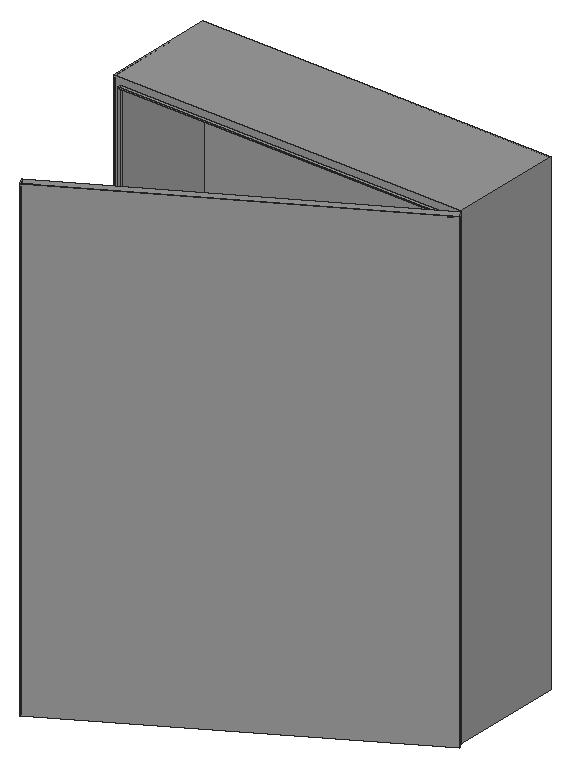
Revit family "Hager-Univers-IP55-D275-H1100-Cl.II-Steel_encl-NoHosted-CH-it", category Electrical Equipment, Revit 2020
Family settings
  Panel Configuration = Two Columns, Circuits Across
  Round Connector Dimension = Use Diameter
  Part Type = Panelboard
  Work Plane-Based = Yes
  Always vertical = Yes
  Cut with Voids When Loaded = No
  Shared = No
  Room Calculation Point = No
Parameters (values of type "A parete IP55 L800 A1100 P275  - FR73S")
  Width Control [instance] = if([EF000008 - Larghezza] > Min Width, [EF000008 - Larghezza], Min Width)  # 800 mm
  Type Comments = [HG000003 - Gamma]  # "Univers"
  Thickness Door [instance] = if([EF009171 - spessore materiale porta/coperchio] > 3 mm, 3 mm, [EF009171 - spessore materiale porta/coperchio])  # 1.5 mm
  Seal Frame Offset [instance] = 17 mm  # constant formula
  Plinth Visibility [instance] = [HG000027 - Altezza dello zoccolo] > 0 mm  # no
  Min Width [instance] = 100 mm  # constant formula
  Min Depth [instance] = (2 * [EF009170 - spessore materiale scatola]) + 1 mm  # 4 mm
  Min Height [instance] = 100 mm  # constant formula
  Internal Frame Depth [instance] = (Door System Depth * 0.5)  # 9 mm
  Panel Name [instance] = ""  # (empty or 0)
  Model = ""
  HG000027 - Altezza dello zoccolo = 0 mm
  HG000026 - A pavimento = no
  HG000024 - Altezza della sezione inferiore = 600 mm
  HG000023 - Custodia a doppia sezione = no
  HG000016 - Visibilità delle porte nella vista 3D [instance] = yes
  HG000015 - Visibilità attraverso la porta [instance] = no
  HG000014 - Porta destra [instance] = yes
  HG000013 - Porta sinistra [instance] = not([HG000014 - Porta destra])  # no
  HG000012 - Angolo di apertura della porta [instance] = 30.00°
  HG000010 - Porte asimmetriche = no
  HG000009 - Porta doppia a battente = no
  HG000006 - Ad incasso = no
  HG000004 - Codice produttore = "FR73S"
  HG000003 - Gamma = "Univers"
  HG000002 - Con porta = yes
  Frame Offset Bottom [instance] = 10 mm  # constant formula
  Frame Offset [instance] = 15 mm  # constant formula
  EF015940 - Coprire con rilascio di sovrapressione = no
  EF011959 - tipo di protezione (NEMA) = ""
  EF009554 - numero delle aperture per la piastra della flangia = 6
  EF009212 - esecuzione coperchio = "EV000116 - chiuso"
  EF009171 - spessore materiale porta/coperchio = 1.5 mm
  EF009170 - spessore materiale scatola = 1.5 mm
  EF008873 - corrente nominale (In) = 800 A
  EF007800 - adatto per parafulmine = no
  EF006306 - con serratura = no
  EF006244 - coperchio/porta trasparente = no
  EF005474 - grado di protezione (IP) = "EV006420 - IP55"
  EF004464 - tipo di porta = "EV002646 - singolo"
  EF004427 - numero di moduli = 252
  EF004293 - resistenza agli urti = "EV008784 - IK10"
  EF003532 - adatto per uso esterno = no
  EF002950 - Numero moduli DIN = 24
  EF001613 - Integrità del circuito = "EV000494 - senza"
  EF001596 - Attacco Lampada = "EV000179 - acciaio"
  EF001131 - profondità interna = 275 mm
  EF001088 - possibilità di applicazione = yes
  EF000437 - numero di ingressi per conduttori = 6
  EF000339 - tipo di copertura = "EV004216 - porta"
  EF000266 - numero di file = 7
  EF000218 - profondità di incasso = 0 mm
  EF000118 - con piastra di montaggio = no
  EF000116 - numero RAL = "7035"
  EF000049 - profondità = 275 mm
  EF000040 - Altezza = 1100 mm
  EF000008 - Larghezza = 800 mm
  EF000007 - colore = "EV000270 - grigio"
  EF000003 - Tipo di montaggio = "EV000384 - A parete"
  Door System Leaf Tolerance [instance] = 1.5 mm  # constant formula
  Door System Depth [instance] = 18 mm  # constant formula
  Door Height [instance] = Height Control - [HG000027 - Altezza dello zoccolo]  # 1100 mm
  Description = ""
  Default Elevation = 1219.2 mm
  Connector Offset [instance] = Height Control / 2  # 550 mm
  Manufacturer = "Hager"  # constant formula
  Height Control [instance] = if([EF000040 - Altezza] > Min Height, [EF000040 - Altezza], Min Height)  # 1100 mm
  Depth Control [instance] = if([EF000049 - profondità] > Min Depth, [EF000049 - profondità], Min Depth)  # 275 mm
  Bottom Top Plate Trim [instance] = 1.5 mm  # constant formula
  Plinth height Ctrl [instance] = if([HG000027 - Altezza dello zoccolo] > 0 mm, [HG000027 - Altezza dello zoccolo], 12 mm)  # 12 mm
Types (5, lengths in mm): name | Width Control | HG000010 - Porte asimmetriche | HG000009 - Porta doppia a battente | HG000004 - Codice produttore | EF009554 - numero delle aperture per la piastra della flangia | EF004464 - tipo di porta | EF004427 - numero di moduli | EF000437 - numero di ingressi per conduttori | EF000008 - Larghezza
  A parete IP55 L1050 A1100 P275  - FR74S | 1050 | no | yes | "FR74S" | 8 | "EV003602 - doppio" | 336 | 8 | 1050
  A parete IP55 L1300 A1100 P275  - FR75S | 1300 | yes | yes | "FR75S" | 10 | "EV003602 - doppio" | 420 | 10 | 1300
  A parete IP55 L300 A1100 P275  - FR71S | 300 | no | no | "FR71S" | 2 | "EV002646 - singolo" | 84 | 2 | 300
  A parete IP55 L550 A1100 P275  - FR72S | 550 | no | no | "FR72S" | 4 | "EV002646 - singolo" | 168 | 4 | 550
  A parete IP55 L800 A1100 P275  - FR73S | 800 | no | no | "FR73S" | 6 | "EV002646 - singolo" | 252 | 6 | 800
Reference planes
  plane 1 "Center (Front/Back)": y = 0
  plane 2: z = 0
  plane 3 "Center (Left/Right)": x = 0
  plane 4: y = 0
  plane 5: y = 0
  plane 6: z = 0
  plane 7: x = -400
  plane 8: x = 400
  plane 9: x = 398.5
  plane 10: x = -398.5
  plane 11: z = 0
  plane 12: z = 1.5
  plane 13: y = -275
  plane 14: y = -1.5
  plane 15: x = 0
  plane 16: y = -257
  plane 17: y = -273.5
  plane 18: y = -255.5
  plane 19: x = -383.5
  plane 20: x = 383.5
  plane 21: z = 11.5
  plane 22: x = -383
  plane 23: x = 383
  plane 24: z = 0
  plane 25: z = 1100
  plane 26: z = 1100
  plane 27: z = 1083.5
  plane 28: z = 1098.5
Forms (mm)
  Extrusion 1, solid, material "Hager_Steel_RAL7035_Light_Grey", detail levels medium+fine
    sketch origin (-208.679, -4572, 0) x (-1, 0, 0) y (0, -1, 0)
      loop
        line (191.321, -4315) -> (-608.679, -4315) -> (-608.679, -4572) -> (191.321, -4572) -> (191.321, -4315)
    from 0 to 1100
  Extrusion 2, void
    sketch origin (-350.771, -275, 1219.2) x (1, 0, 0) y (0, 0, 1)
      loop
        line (-47.729, -120.7) -> (-47.729, -1217.7) -> (749.271, -1217.7) -> (749.271, -120.7) -> (-47.729, -120.7)
    from -19.5 to -273.5
  Extrusion 3, void
    sketch origin (-290.084, -257, 1219.2) x (1, 0, 0) y (0, 0, 1)
      loop
        line (-93.416, -1207.7) -> (673.584, -1207.7) -> (673.584, -135.7) -> (-93.416, -135.7) -> (-93.416, -1207.7)
    from 0 to -1.5
  Extrusion 4, solid, material "Hager_Steel_RAL7035_Light_Grey", visible <- "Plinth Visibility", detail levels medium+fine
    sketch origin (0, 0, 0) x (1, 0, 0) y (0, 1, 0)
      loop
        line (-400, 0) -> (-400, -257) -> (400, -257) -> (400, 0) -> (-400, 0)
    from 0 to 12 <- "Plinth height Ctrl"
  Extrusion 5, solid, material "Hager_Steel_RAL7035_Light_Grey", detail levels coarse
    sketch origin (0, 0, 0) x (1, 0, 0) y (0, 1, 0)
      loop
        line (-400, 0) -> (-400, -275) -> (400, -275) -> (400, 0) -> (-400, 0)
    from 0 to 1100 <- "Height Control"
  Sweep 6, void
    path in 3D
      loop
        line (-400, -257, 12) -> (400, -257, 12) -> (400, 0, 12) -> (-400, 0, 12) -> (-400, -257, 12)
    profile origin (-400, -128.5, 12) x (1, 0, 0) y (0, 0, 1)
      loop
        line (0, 0) -> (0, -1.5) -> (1.5, -1.5)
        arc (1.5, -1.5) -> (1.061, -0.439) -> (0, 0) r 1.5
  Extrusion 7, solid, material "Hager_Steel_RAL7035_Light_Grey", detail levels fine
    sketch origin (-400, -257, 0) x (1, 0, 0) y (0, 0, 1)
      loop
        line (16.5, 11.5) -> (783.5, 11.5) -> (783.5, 1083.5) -> (16.5, 1083.5) -> (16.5, 11.5)
      loop
        line (15, 10) -> (785, 10) -> (785, 1085) -> (15, 1085) -> (15, 10)
    from 0 to 9 <- "Internal Frame Depth"
Cuts and joins
  Extrusion 2, Extrusion 3 cuts Extrusion 1
  Sweep 6 cuts Extrusion 4
Lines and regions (mm)
  Masking region 1
    outline origin (0, 0, 0) x (1, 0, 0) y (0, 1, 0)
      loop
        line (-400, 0) -> (-400, -275) -> (400, -275) -> (400, 0) -> (-400, 0)
  Masking region 2, detail levels coarse
    outline origin (-290.084, -257, 1219.2) x (-1, 0, 0) y (0, 0, 1)
      loop
        line (-690.084, -1219.2) -> (109.916, -1219.2) -> (109.916, -119.2) -> (-690.084, -119.2) -> (-690.084, -1219.2)
  Masking region 3, detail levels coarse
    outline origin (0, 0, 0) x (0, 1, 0) y (0, 0, 1)
      loop
        line (0, 0) -> (0, 1100) -> (-275, 1100) -> (-275, 0) -> (0, 0)
  Masking region 4, visible <- "Plinth Visibility", detail levels medium+fine
    outline origin (0, 0, 0) x (0, 1, 0) y (0, 0, 1)
      loop
        line (-1.5, 12) -> (-255.5, 12)
        arc (-255.5, 12) -> (-255.939, 10.939) -> (-257, 10.5) r 1.5
        line (-257, 10.5) -> (-257, 0) -> (0, 0) -> (0, 10.5)
        arc (0, 10.5) -> (-1.061, 10.939) -> (-1.5, 12) r 1.5
  Masking region 5, detail levels medium+fine
    outline origin (0, 0, 594.038) x (0, 1, 0) y (0, 0, 1)
      loop
        line (0, -594.038) -> (0, 505.962) -> (-257, 505.962) -> (-257, -594.038) -> (0, -594.038)
  Masking region 6, detail levels medium+fine
    outline origin (-359.7, -257, 1211.883) x (-1, 0, 0) y (0, 0, 1)
      loop
        line (-759.7, -1211.883) -> (40.3, -1211.883) -> (40.3, -111.883) -> (-759.7, -111.883) -> (-759.7, -1211.883)
  Masking region 7, visible <- "Plinth Visibility", detail levels medium+fine
    outline origin (-320.334, -257, 1041.368) x (-1, 0, 0) y (0, 0, 1)
      loop
        line (-720.334, -1041.368) -> (79.666, -1041.368) -> (79.666, -1030.868)
        arc (79.666, -1030.868) -> (78.606, -1030.429) -> (78.166, -1029.368) r 1.5
        line (78.166, -1029.368) -> (-718.834, -1029.368)
        arc (-718.834, -1029.368) -> (-719.273, -1030.429) -> (-720.334, -1030.868) r 1.5
        line (-720.334, -1030.868) -> (-720.334, -1041.368)
  sketch lines
    curve 1: line (-400, 0, 12) -> (-400, -257, 12)
    curve 2: line (-400, -257, 12) -> (400, -257, 12)
    curve 3: line (400, 0, 12) -> (-400, 0, 12)
    curve 4: line (400, -257, 12) -> (400, 0, 12)
Dimensions and locks
  locked: plane 1 "Center (Front/Back)" to plane 5
  "EF009170 - spessore materiale scatola": plane 7 to plane 10
  "EF009170 - spessore materiale scatola": plane 8 to plane 9
  equal spacing: plane 7, plane 3 "Center (Left/Right)", plane 8
  "Width Control": plane 7 to plane 8
  "Depth Control": plane 4 to plane 13
  "EF009170 - spessore materiale scatola": plane 4 to plane 14
  "Height Control": plane 25 to level
  "HG000027 - Altezza dello zoccolo": plane 11 to level
  "EF009170 - spessore materiale scatola": plane 12 to plane 11
  "EF009170 - spessore materiale scatola": plane 17 to plane 13
  "EF009170 - spessore materiale scatola": plane 18 to plane 16
  "Frame Offset Bottom": plane 21 to plane 12
  "Frame Offset": plane 10 to plane 19
  "Frame Offset": plane 9 to plane 20
  "Door System Depth": plane 16 to plane 13
  "Seal Frame Offset": plane 7 to plane 22
  "Seal Frame Offset": plane 8 to plane 23
  "EF009170 - spessore materiale scatola": plane 26 to plane 28
  "Frame Offset": plane 28 to plane 27
  "Connector Offset": plane 2 to connector elem
  "Bottom Top Plate Trim": profile plane to Sweep 6 sketch curve
  "Bottom Top Plate Trim": Sweep 6 sketch curve to Sweep 6 sketch curve
  "Plinth height Ctrl": Masking region 4 sketch curve to level
  "Plinth height Ctrl": Masking region 7 sketch curve to level
  "Thickness Door": Extrusion 7 sketch curve to Extrusion 7 sketch curve  (x4)
  "Bottom Top Plate Trim": radius of Sweep 6 sketch curve
  "Bottom Top Plate Trim": radius of Masking region 4 sketch curve  (x2)
  "Bottom Top Plate Trim": radius of Masking region 7 sketch curve  (x2)
  aligned and locked: Extrusion 2 sketch curve to plane 12
  aligned and locked: Extrusion 2 sketch curve to plane 9
  aligned and locked: Extrusion 2 sketch curve to plane 10
  aligned and locked: Extrusion 2 to plane 14
  aligned and locked: Extrusion 1 sketch curve to plane 4
  aligned and locked: plane 8 to Extrusion 1 sketch curve
  aligned and locked: plane 7 to Extrusion 1 sketch curve
  aligned and locked: Extrusion 2 to plane 18
  aligned and locked: Extrusion 3 sketch curve to plane 19
  aligned and locked: plane 20 to Extrusion 3 sketch curve
  aligned and locked: Extrusion 3 to Extrusion 2
  aligned and locked: Extrusion 3 sketch curve to plane 21
  aligned and locked: plane 3 "Center (Left/Right)" to nested 1
  aligned and locked: Extrusion 1 sketch curve to plane 16
  aligned and locked: Extrusion 4 sketch curve to cut or joined group of Extrusion 1, Extrusion 2, Extrusion 3
  aligned and locked: Masking region 1 sketch curve to plane 7
  aligned and locked: Masking region 1 sketch curve to plane 5
  aligned and locked: Masking region 1 sketch curve to plane 8
  aligned and locked: Masking region 2 sketch curve to level
  aligned and locked: level to Masking region 3 sketch curve
  aligned and locked: plane 1 "Center (Front/Back)" to Masking region 3 sketch curve
  aligned and locked: plane 13 to Masking region 3 sketch curve
  aligned and locked: plane 5 to Masking region 4 sketch curve
  aligned and locked: Masking region 2 sketch curve to plane 8
  aligned and locked: Masking region 2 sketch curve to plane 7
  aligned and locked: plane 7 to nested 2
  aligned and locked: nested 2 to plane 5
  aligned and locked: plane 5 to Masking region 5 sketch curve
  aligned and locked: plane 26 to Masking region 5 sketch curve
  aligned and locked: Extrusion 5 sketch curve to plane 8
  aligned and locked: Extrusion 5 sketch curve to plane 7
  aligned and locked: Extrusion 5 sketch curve to plane 5
  aligned and locked: Extrusion 3 sketch curve to plane 27
  aligned and locked: Extrusion 2 sketch curve to plane 28
  aligned and locked: Masking region 2 to plane 25
  aligned and locked: Extrusion 4 to plane 16
  aligned and locked: profile plane to Sweep 6 sketch curve
  aligned and locked: Masking region 5 sketch curve to plane 24
  aligned and locked: level to Masking region 4 sketch curve
  aligned and locked: Masking region 1 to plane 13
  aligned and locked: nested 1 to plane 16
  aligned and locked: Masking region 3 to plane 25
  aligned and locked: plane 16 to Masking region 4 sketch curve
  aligned and locked: Masking region 5 sketch curve to plane 16
  aligned and locked: plane 24 to plane 11
  aligned and locked: plane 26 to plane 25
  aligned and locked: plane 26 to cut or joined group of Extrusion 1, Extrusion 2, Extrusion 3
  aligned and locked: nested 1 to plane 24
  aligned and locked: Extrusion 1 to Extrusion 3
  aligned and locked: Masking region 6 sketch curve to plane 8
  aligned and locked: Masking region 6 sketch curve to plane 24
  aligned and locked: Masking region 6 sketch curve to plane 7
  aligned and locked: Masking region 6 sketch curve to plane 26
  aligned and locked: Masking region 7 sketch curve to plane 7
  aligned and locked: level to Masking region 7 sketch curve
  aligned and locked: Masking region 7 sketch curve to plane 8
  aligned and locked: Extrusion 7 sketch curve to cut or joined group of Extrusion 1, Extrusion 2, Extrusion 3  (x4)
Automatic sketch dimensions
  plane 19 to Extrusion 3 sketch curve = 0 mm
  Extrusion 3 sketch curve to plane 20 = 0 mm
  Extrusion 3 sketch curve to plane 21 = 0 mm
  Extrusion 4 sketch curve to plane 7 = 0 mm
  Extrusion 4 sketch curve to plane 8 = 0 mm
  Extrusion 4 sketch curve to plane 16 = 0 mm
  Masking region 1 sketch curve to plane 13 = 0 mm
  Masking region 2 sketch curve to plane 25 = 0 mm
  Masking region 3 sketch curve to plane 25 = 0 mm
  Extrusion 5 sketch curve to plane 13 = 0 mm
  profile plane to Sweep 6 sketch curve = 0 mm
Nested families
  nested 1: "EC000058_Univers_Door" at (0, -257, 0), Double <- "HG000009 - Porta doppia a battente", Transparent <- "EF006244 - coperchio/porta trasparente", Angle <- "HG000012 - Angolo di apertura della porta", Door_Right <- "HG000014 - Porta destra", Assymetrical <- "HG000010 - Porte asimmetriche", Door <- "HG000002 - Con porta", Width_Ctrl <- "Width Control", 3d_Door <- "HG000016 - Visibilità delle porte nella vista 3D", Clearance <- "HG000015 - Visibilità attraverso la porta", Door_Left <- "HG000013 - Porta sinistra", Width <- "Width Control", Door_Depth <- "Door System Depth", Leaf_Tolerance <- "Door System Leaf Tolerance", Height <- "Door Height", Lock_Visibility <- "EF006306 - con serratura", Thickness <- "Thickness Door", type "EC000058_Univers_Door", detail levels medium+fine
    with min_wh 4 mm, Width_Ctrl 800 mm, Width 800 mm, Transparent no, Thickness 1.5 mm, Seal_Material Hager_Rubber, Lock_Visibility no, Lock_Material Hager_Plastic_RAL9005_Jet_Black, Leaf_Width 800 mm, Leaf_Tolerance_External_Sides 0 mm, Leaf_Tolerance 1.5 mm, Leaf_Offset 0 mm, Leaf_Height 1097 mm, Leaf_2_Width 800 mm, Leaf_2_Offset 400 mm, Leaf_1_Width 800 mm, Leaf_1_Offset 400 mm, Height_Ctrl 1100 mm, Height 1100 mm, Glass_Material Hager_Glass, Double_Clearance_Ctrl no, Double no, Door_Right_Ctrl yes, Door_Right yes, Door_Material Hager_Steel_RAL7035_Light_Grey, Door_Left_Ctrl no, Door_Left no, Door_Depth 18 mm, Door yes, Clearance_Material Hager_Clearance, Clearance_Depth 800 mm, Clearance_Ctrl no, Clearance no, Assymetrical no, Angle 30.00°, 3d_Door yes
  nested 2: "Hager_Enclosure_Symbol" at (-400, 0, 0), Height <- "Depth Control", Width <- "Width Control", type "Hager_Enclosure_Symbol"
    with Width_Ctrl 800 mm, Width 800 mm, Height_Ctrl 275 mm, Height 275 mm, A_Width_Int 18.047 mm, A_Width 216.562 mm, A_Height_Ctrl 240.625 mm, A_Height 240.625 mm
Connectors
  electrical at (0, 0, 550)
    settings: on plane 1 "Center (Front/Back)", index 1, voltage 0 V, apparent load 0 VA, apparent load phase1 0 VA, apparent load phase2 0 VA, apparent load phase3 0 VA, power factor 1, load classification "Other", number of poles 1, system type 30, power factor state 1, is connector primary yes, connector utility no, sub classification motor no, connector description ""
Definition of nested family "EC000058_Univers_Door"
  Parameters (values of type "EC000058_Univers_Door")
    min_wh [instance] = (2 * Thickness) + 1 mm  # 11 mm
    Width_Ctrl [instance] = 400 mm
    Width [instance] = 500 mm
    Transparent [instance] = yes
    Thickness [instance] = 5 mm
    Seal_Material [instance] = none
    Lock_Visibility [instance] = yes
    Lock_Material [instance] = none
    Leaf_Width [instance] = if((Width_Ctrl - 2 * Leaf_Tolerance_External_Sides) > 0 mm, (Width_Ctrl - 2 * Leaf_Tolerance_External_Sides), min_wh)  # 400 mm
    Leaf_Tolerance_External_Sides [instance] = 0 mm  # constant formula
    Leaf_Tolerance [instance] = 1.5 mm
    Leaf_Offset [instance] = 0 mm  # constant formula
    Leaf_Height [instance] = if((Height_Ctrl - 2 * Leaf_Tolerance) > 0 mm, (Height_Ctrl - 2 * Leaf_Tolerance), min_wh)  # 497 mm
    Leaf_2_Width [instance] = if(and(and(Double, Assymetrical), Door_Left), (Leaf_Width / 3) - (Leaf_Tolerance / 2), if(and(and(Double, Assymetrical), Door_Right), (Leaf_Width / 3) * 2 - (Leaf_Tolerance / 2), if(and(Double, not(Assymetrical)), (Leaf_Width / 2) - Leaf_Tolerance, Leaf_Width)))  # 400 mm
    Leaf_2_Offset [instance] = if(and(Double, Assymetrical), Leaf_2_Width / 2, if(and(Double, not(Assymetrical)), Leaf_Width / 4, Leaf_Width / 2))  # 200 mm
    Leaf_1_Width [instance] = if(and(and(Double, Assymetrical), Door_Right), (Leaf_Width / 3) - (Leaf_Tolerance / 2), if(and(and(Double, Assymetrical), Door_Left), (Width / 3) * 2 - (Leaf_Tolerance / 2), if(and(Double, not(Assymetrical)), (Leaf_Width / 2) - Leaf_Tolerance, Leaf_Width)))  # 400 mm
    Leaf_1_Offset [instance] = if(and(Double, Assymetrical), Leaf_1_Width / 2, if(and(Double, not(Assymetrical)), Leaf_Width / 4, Leaf_Width / 2))  # 200 mm
    Height_Ctrl [instance] = if(Height > min_wh, Height, min_wh)  # 500 mm
    Height [instance] = 500 mm
    Glass_Material [instance] = none
    Double_Clearance_Ctrl [instance] = and(Double, Clearance)  # no
    Double [instance] = no
    Door_Right_Ctrl [instance] = and(or(Door_Right, Double), Door)  # yes
    Door_Right [instance] = yes
    Door_Material [instance] = none
    Door_Left_Ctrl [instance] = and(or(Door_Left, Double), Door)  # no
    Door_Left [instance] = no
    Door_Depth [instance] = 30 mm
    Door [instance] = yes
    Default Elevation = 1219.2 mm
    Clearance_Material [instance] = none
    Clearance_Depth [instance] = if(Leaf_1_Width > Leaf_2_Width, Leaf_1_Width, Leaf_2_Width)  # 400 mm
    Clearance_Ctrl [instance] = and(not(Double), Clearance)  # yes
    Clearance [instance] = yes
    Assymetrical [instance] = yes
    Angle [instance] = 30.00°
    3d_Door [instance] = yes
  Reference planes
    plane 1 "Center (Front/Back)": y = 0
    plane 2 "Bottom": z = 0
    plane 3 "Center (Left/Right)": x = 0
    plane 4: z = 500
    plane 5: x = -200
    plane 6: x = 200
    plane 7: z = 500
    plane 8: x = -200
    plane 9: z = 0
    plane 10: x = 200
    plane 11: y = 0
    plane 12: z = 1.5
    plane 13: x = -600
    plane 14: y = -400
    plane 15: x = 600
    plane 16: x = 0
    plane 17: x = 0
    plane 18: x = -200
    plane 19: x = 200
    plane 20: z = 498.5
  Forms (mm)
    Extrusion 1, solid, material <- "Clearance_Material", visible <- "Double_Clearance_Ctrl"
      sketch origin (1200, 0, 0) x (1, 0, 0) y (0, 0, -1)
        loop
          line (-1800, -498.5) -> (-600, -498.5) -> (-600, 0) -> (-1800, 0) -> (-1800, -498.5)
      from 0 to -400
  Dimensions and locks
    equal spacing: plane 5, plane 3 "Center (Left/Right)", plane 6
    "Width_Ctrl": plane 5 to plane 6
    "Leaf_Offset": plane 5 to plane 8
    "Leaf_Offset": plane 6 to plane 10
    "Leaf_Offset": plane 9 to level
    "Leaf_Offset": plane 4 to plane 7
    "Height_Ctrl": plane 4 to level
    "Leaf_Tolerance": plane 12 to plane 9
    locked: plane 11 to plane 1 "Center (Front/Back)"
    "Leaf_1_Offset": plane 18 to plane 16
    "Leaf_2_Offset": plane 17 to plane 19
    "Leaf_1_Width": plane 13 to plane 8
    "Leaf_2_Width": plane 10 to plane 15
    "Clearance_Depth": plane 14 to plane 1 "Center (Front/Back)"
    "Leaf_Tolerance_External_Sides": plane 8 to plane 18
    "Leaf_Tolerance_External_Sides": plane 19 to plane 10
    "Leaf_Tolerance": plane 7 to plane 20
    aligned and locked: level to plane 2 "Bottom"
    aligned and locked: nested 1 to plane 16
    aligned and locked: nested 2 to plane 17
    aligned and locked: Extrusion 1 to plane 13
    aligned and locked: plane 15 to Extrusion 1
    aligned and locked: Extrusion 1 to plane 14
    aligned and locked: plane 12 to nested 1
    aligned and locked: nested 2 to plane 12
    aligned and locked: Extrusion 1 to plane 11
    aligned and locked: plane 20 to Extrusion 1
    aligned and locked: nested 2 to plane 11
    aligned and locked: nested 1 to plane 11
  Automatic sketch dimensions
    Extrusion 1 sketch curve to level = 0 mm
    plane 5 to Extrusion 1 sketch curve = 400 mm
    plane 6 to Extrusion 1 sketch curve = 400 mm
    Extrusion 1 sketch curve to plane 4 = 1.5 mm
  Nested families
    nested 1: "EC000058_Univers_Door_Leaf" at (0, 0, 1.5), Width <- "Leaf_1_Width", visible <- "Door_Left_Ctrl", Leaf_Height <- "Leaf_Height", Angle <- "Angle", 3d_Door <- "3d_Door", Transparent <- "Transparent", Clearance Material <- "Clearance_Material", Clearance <- "Clearance_Ctrl", Door_Material <- "Door_Material", Glass_Material <- "Glass_Material", Door_Depth <- "Door_Depth", Lock_Material <- "Lock_Material", Seal_Material <- "Seal_Material", Lock_Visibility <- "Lock_Visibility", Thickness <- "Thickness", type "EC000058_Univers_Door_Leaf"
      with Width 400 mm, Transparent_Glass_Offset 30 mm, Transparent_Ctrl yes, Transparent yes, Thickness 5 mm, Standard no, Seal_Material none, Seal_D2 8 mm, Seal_D1 1 mm, Offset_Internal_Frame 10 mm, Lock_Width 20 mm, Lock_Visibility_3d yes, Lock_Visibility yes, Lock_Thickness_3 3 mm, Lock_Thickness_2 1 mm, Lock_Thickness_1 3 mm, Lock_Radius_Offset_2 16 mm, Lock_Radius_Offset_1 15 mm, Lock_Radius_2 5 mm, Lock_Radius 6 mm, Lock_Offset 5 mm, Lock_Material none, Lock_Height 80 mm, Lock_Cover_Top_Offset_2d 17 mm, Lock_Cover_Height -65 mm, Leaf_Height 497 mm, Internal_Seal_Thickness 8 mm, Internal_Seal_Depth_2 4.5 mm, Internal_Frame_Depth 25 mm, Glass_Thickness -1 mm, Glass_Offset -2 mm, Glass_Material none, Door_Material none, Door_Depth 30 mm, Clearance Material none, Clearance yes, Angle_Ctrl 30.00°, Angle 30.00°, 3d_Door yes
    nested 2: "EC000058_Univers_Door_Leaf" at (0, 0, 1.5) x (-1, 0, 0) z (0, 0, 1), Width <- "Leaf_2_Width", visible <- "Door_Right_Ctrl", Leaf_Height <- "Leaf_Height", Angle <- "Angle", 3d_Door <- "3d_Door", Transparent <- "Transparent", Clearance Material <- "Clearance_Material", Clearance <- "Clearance_Ctrl", Door_Material <- "Door_Material", Glass_Material <- "Glass_Material", Door_Depth <- "Door_Depth", Lock_Material <- "Lock_Material", Seal_Material <- "Seal_Material", Lock_Visibility <- "Lock_Visibility", Thickness <- "Thickness", type "EC000058_Univers_Door_Leaf"
      with Width 400 mm, Transparent_Glass_Offset 30 mm, Transparent_Ctrl yes, Transparent yes, Thickness 5 mm, Standard no, Seal_Material none, Seal_D2 8 mm, Seal_D1 1 mm, Offset_Internal_Frame 10 mm, Lock_Width 20 mm, Lock_Visibility_3d yes, Lock_Visibility yes, Lock_Thickness_3 3 mm, Lock_Thickness_2 1 mm, Lock_Thickness_1 3 mm, Lock_Radius_Offset_2 16 mm, Lock_Radius_Offset_1 15 mm, Lock_Radius_2 5 mm, Lock_Radius 6 mm, Lock_Offset 5 mm, Lock_Material none, Lock_Height 80 mm, Lock_Cover_Top_Offset_2d 17 mm, Lock_Cover_Height -65 mm, Leaf_Height 497 mm, Internal_Seal_Thickness 8 mm, Internal_Seal_Depth_2 4.5 mm, Internal_Frame_Depth 25 mm, Glass_Thickness -1 mm, Glass_Offset -2 mm, Glass_Material none, Door_Material none, Door_Depth 30 mm, Clearance Material none, Clearance yes, Angle_Ctrl 30.00°, Angle 30.00°, 3d_Door yes
  Definition of nested family "EC000058_Univers_Door_Leaf"
    Parameters (values of type "EC000058_Univers_Door_Leaf")
      Width [instance] = 2000 mm
      Transparent_Glass_Offset [instance] = 30 mm
      Transparent_Ctrl [instance] = and(Transparent, [3d_Door])  # yes
      Transparent [instance] = yes
      Thickness [instance] = 5 mm
      Standard [instance] = and(not(Transparent), [3d_Door])  # no
      Seal_Material [instance] = none
      Seal_D2 [instance] = 8 mm  # constant formula
      Seal_D1 [instance] = 1 mm  # constant formula
      Offset_Internal_Frame [instance] = 10 mm  # constant formula
      Lock_Width [instance] = 20 mm  # constant formula
      Lock_Visibility_3d [instance] = and(Lock_Visibility, [3d_Door])  # yes
      Lock_Visibility [instance] = yes
      Lock_Thickness_3 [instance] = 3 mm  # constant formula
      Lock_Thickness_2 [instance] = 1 mm  # constant formula
      Lock_Thickness_1 [instance] = 3 mm  # constant formula
      Lock_Radius_Offset_2 [instance] = Lock_Radius_Offset_1 + 1 mm  # 16 mm
      Lock_Radius_Offset_1 [instance] = 15 mm  # constant formula
      Lock_Radius_2 [instance] = Lock_Radius - 1 mm  # 5 mm
      Lock_Radius [instance] = 6 mm  # constant formula
      Lock_Offset [instance] = 5 mm  # constant formula
      Lock_Material [instance] = none
      Lock_Height [instance] = 80 mm  # constant formula
      Lock_Cover_Top_Offset_2d [instance] = Lock_Radius_Offset_2 + 1 mm  # 17 mm
      Lock_Cover_Height [instance] = -(Lock_Height - Lock_Radius_Offset_1)  # -65 mm
      Leaf_Height [instance] = 2720.336 mm
      Internal_Seal_Thickness [instance] = 8 mm  # constant formula
      Internal_Seal_Depth_2 [instance] = 4.5 mm  # constant formula
      Internal_Frame_Depth [instance] = if(Door_Depth - Thickness > 5 mm, Door_Depth - Thickness, 5 mm)  # 25 mm
      Glass_Thickness [instance] = if(Thickness > 15 mm, Glass_Offset + 10 mm, -1 mm)  # -1 mm
      Glass_Offset [instance] = if(Thickness > 15 mm, -(Thickness + 10 mm) / 2, -2 mm)  # -2 mm
      Glass_Material [instance] = none
      Door_Material [instance] = none
      Door_Depth [instance] = 30 mm
      Default Elevation = 0 mm
      Clearance Material [instance] = none
      Clearance [instance] = yes
      Angle_Ctrl [instance] = if(Angle > 180.00°, 180.00°, Angle)  # 90.00°
      Angle [instance] = 90.00°
      3d_Door [instance] = yes
    Reference planes
      plane 1 "Center (Front/Back)": y = 0
      plane 2: z = 0
      plane 3 "Center (Left/Right)": x = 0
      plane 4: y = 2000
      plane 5: x = -1000
      plane 6: x = 1000
      plane 7: x = -3000
      plane 8: z = 2720.336
      plane 9: z = 30
      plane 10: z = 2690.336
      plane 11: x = 970
      plane 12: x = -970
      plane 13: y = -3
      plane 14: z = 107.833
      plane 15: y = -5
      plane 16: y = -223.314
      plane 17: x = -1000
      plane 18: z = 1360.168
      plane 19: y = 30
    Forms (mm)
      Extrusion 1, solid, material <- "Clearance Material", visible <- "Clearance"
        sketch origin (0, 0, 0) x (1, 0, 0) y (0, 0, 1)
          loop
            line (-3000, 2720.336) -> (-3000, 0) -> (1000, 0) -> (1000, 2720.336) -> (-3000, 2720.336)
        from 0 to -2000
      Extrusion 2, solid, material <- "Door_Material", visible <- "Standard", detail levels medium+fine
        sketch origin (-1000, 0, 0) x (0, 1, 0) y (-1, 0, 0)
          loop
            line (0, 30) -> (0, 25) -> (2000, 25) -> (2000, 30) -> (0, 30)
        from 0 to 2720.336 <- "Leaf_Height"
      Extrusion 3, solid, material <- "Door_Material", visible <- "Transparent_Ctrl", detail levels medium+fine
        sketch origin (-1000, 0, 0) x (0, 1, 0) y (-1, 0, 0)
          loop
            line (0, 25) -> (2000, 25) -> (2000, 30) -> (0, 30) -> (0, 25)
        from 0 to 2720.336 <- "Leaf_Height"
      Extrusion 4, void
        sketch origin (-1025, 2000, 0) x (0, 1, 0) y (0, 0, -1)
          loop
            line (-30, -2690.336) -> (-30, -30) -> (-1970, -30) -> (-1970, -2690.336) -> (-30, -2690.336)
        from 0 to 5 <- "Thickness"
      Sweep 5, solid, material <- "Seal_Material", visible <- "Transparent_Ctrl", detail levels fine
        path in 3D
          loop
            line (-1025, 30, 30) -> (-1025, 30, 2690.336) -> (-1025, 1970, 2690.336) -> (-1025, 1970, 30) -> (-1025, 30, 30)
        profile origin (-1025, 1000, 30) x (1, 0, 0) y (0, 0, 1)
          loop
            line (0, 0) -> (0, -8) -> (1, -8) -> (1, 0) -> (0, 0)
      Extrusion 6, solid, material <- "Glass_Material", visible <- "Transparent_Ctrl", detail levels medium+fine
        sketch origin (-1030, 0, 0) x (0, 1, 0) y (0, 0, -1)
          loop
            line (1970, -2690.336) -> (1970, -30) -> (30, -30) -> (30, -2690.336) -> (1970, -2690.336)
        from -2 <- "Glass_Offset" to -1 <- "Glass_Thickness"
      Extrusion 7, solid, material <- "Door_Material", visible <- "3d_Door", detail levels medium+fine
        sketch origin (-1025, 2000, 0) x (0, -1, 0) y (0, 0, -1)
          loop
            line (0, -2720.336) -> (2000, -2720.336) -> (2000, 0) -> (0, 0) -> (0, -2720.336)
          loop
            line (1995, -5) -> (5, -5) -> (5, -2715.336) -> (1995, -2715.336) -> (1995, -5)
        from 0 to 25 <- "Internal_Frame_Depth"
      Sweep 8, solid, material <- "Seal_Material", visible <- "Transparent_Ctrl", detail levels fine
        path in 3D
          loop
            line (-1025, 0, 0) -> (-1025, 2000, 0) -> (-1025, 2000, 2720.336) -> (-1025, 0, 2720.336) -> (-1025, 0, 0)
        profile origin (-1025, 0, 1360.168) x (1, 0, 0) y (0, 1, 0)
          loop
            line (0, 10) -> (2.975, 10)
            arc (2.975, 10) -> (4.053, 10.447) -> (4.5, 11.525) r 1.525
            line (4.5, 11.525) -> (4.5, 16.527)
            arc (4.5, 16.527) -> (4.069, 17.569) -> (3.027, 18) r 1.473
            line (3.027, 18) -> (0, 18) -> (0, 10)
      Extrusion 9, solid, material <- "Lock_Material", visible <- "Lock_Visibility_3d", detail levels fine
        sketch origin (-1030, 0, 0) x (0, 1, 0) y (0, 0, -1)
          loop
            arc (1993.5, -1400.168) -> (1994.561, -1399.729) -> (1995, -1398.668) r 1.5
            line (1995, -1398.668) -> (1995, -1320.168) -> (1975, -1320.168) -> (1975, -1398.668)
            arc (1975, -1398.668) -> (1975.439, -1399.729) -> (1976.5, -1400.168) r 1.5
            line (1976.5, -1400.168) -> (1993.5, -1400.168)
        from 3 <- "Lock_Thickness_1" to 0
      Blend 10, solid, material <- "Lock_Material", visible <- "Lock_Visibility_3d", detail levels fine
        base sketch origin (-1033, 0, 0) x (0, 1, 0) y (0, 0, -1)
          loop
            line (1975, -1320.168) -> (1975, -1398.668)
            arc (1975, -1398.668) -> (1975.439, -1399.729) -> (1976.5, -1400.168) r 1.5
            line (1976.5, -1400.168) -> (1993.5, -1400.168)
            arc (1993.5, -1400.168) -> (1994.561, -1399.729) -> (1995, -1398.668) r 1.5
            line (1995, -1398.668) -> (1995, -1320.168) -> (1975, -1320.168)
        top sketch origin (-1033, 0, 0) x (0, 1, 0) y (0, 0, -1)
          loop
            line (1976, -1320.168) -> (1976, -1398.668)
            arc (1976, -1398.668) -> (1976.146, -1399.022) -> (1976.5, -1399.168) r 0.5
            line (1976.5, -1399.168) -> (1993.5, -1399.168)
            arc (1993.5, -1399.168) -> (1993.854, -1399.022) -> (1994, -1398.668) r 0.5
            line (1994, -1398.668) -> (1994, -1320.168) -> (1976, -1320.168)
        from 0 to 1 <- "Lock_Thickness_2"
      Blend 11, solid, material <- "Lock_Material", visible <- "Lock_Visibility_3d", detail levels fine
        base sketch origin (-1034, 0, 0) x (0, 1, 0) y (0, 0, -1)
          loop
            line (1978, -1320.168) -> (1978, -1384.168)
            arc (1978, -1384.168) -> (1985, -1391.168) -> (1992, -1384.168) r 7
            line (1992, -1384.168) -> (1992, -1320.168) -> (1978, -1320.168)
        top sketch origin (-1034, 0, 0) x (0, 1, 0) y (0, 0, -1)
          loop
            line (1991, -1320.168) -> (1979, -1320.168) -> (1979, -1383.168)
            arc (1979, -1383.168) -> (1985, -1389.168) -> (1991, -1383.168) r 6
            line (1991, -1383.168) -> (1991, -1320.168)
        from 0 to 3 <- "Lock_Thickness_3"
      Extrusion 12, solid, material <- "Lock_Material", visible <- "Lock_Visibility_3d", detail levels fine
        sketch origin (-1030, 1975, 1320.168) x (1, 0, 0) y (0, -1, 0)
          loop
            line (-7, -19) -> (-7, -1) -> (0, -1) -> (0, 0) -> (-8, 0) -> (-8, -20) -> (0, -20) -> (0, -19) -> (-7, -19)
        from 0 to -65 <- "Lock_Cover_Height"
      Extrusion 13, void
        sketch origin (-1038, 1995, 1320.168) x (-1, 0, 0) y (0, 0, -1)
          loop
            line (-5, -65) -> (0, -65) -> (-5, -60) -> (-5, -65)
        from 0 to 20 <- "Lock_Width"
      Extrusion 14, void
        sketch origin (-1038, 1975, 1320.168) x (0, -1, 0) y (0, 0, -1)
          loop
            circle (-10, -15.995) r 6
          loop
            circle (-10, -15.995) r 5
        from 0 to 2
      Extrusion 15, solid, material <- "Lock_Material", visible <- "Lock_Visibility_3d", detail levels medium
        sketch origin (-1030, 0, 0) x (0, 1, 0) y (0, 0, -1)
          loop
            arc (1993.5, -1400.168) -> (1994.561, -1399.729) -> (1995, -1398.668) r 1.5
            line (1995, -1398.668) -> (1995, -1320.168) -> (1975, -1320.168) -> (1975, -1398.668)
            arc (1975, -1398.668) -> (1975.439, -1399.729) -> (1976.5, -1400.168) r 1.5
            line (1976.5, -1400.168) -> (1993.5, -1400.168)
        from 8 to 0
    Cuts and joins
      Extrusion 4 cuts Extrusion 3
      Extrusion 13, Extrusion 14 cuts Extrusion 9
      Extrusion 14 cuts Blend 11
      Extrusion 13, Extrusion 14 cuts Extrusion 12
      joined: Extrusion 9, Blend 10, Blend 11, Extrusion 12
      Extrusion 14 cuts Extrusion 15
    Lines and regions (mm)
      Masking region 1, visible <- "Lock_Visibility", detail levels fine
        outline origin (0, 0, 0) x (0, 1, 0) y (0, 0, 1)
          loop
            line (30, 1320.168) -> (33, 1320.168) -> (33, 1400.168) -> (30, 1400.168) -> (30, 1320.168)
      Masking region 2, visible <- "Lock_Visibility", detail levels fine
        outline origin (0, 3.143, 0) x (0, 1, 0) y (0, 0, 1)
          loop
            line (29.857, 1354.168) -> (30.857, 1354.168) -> (30.857, 1366.168) -> (29.857, 1366.168) -> (29.857, 1354.168)
      Masking region 3, detail levels medium+fine
        outline origin (0, 0, 0) x (0, 1, 0) y (0, 0, 1)
          loop
            line (0, 0) -> (30, 0) -> (30, 2720.336) -> (0, 2720.336) -> (0, 0)
      Masking region 4, detail levels medium+fine
        outline origin (0, 0, 0) x (1, 0, 0) y (0, 0, 1)
          loop
            line (-1000, 2720.336) -> (-1000, 0) -> (1000, 0) -> (1000, 2720.336) -> (-1000, 2720.336)
      Masking region 5, visible <- "Lock_Visibility", detail levels fine
        outline origin (-47.116, 0, 0) x (1, 0, 0) y (0, 0, 1)
          loop
            arc (1024.616, 1399.168) -> (1023.556, 1398.729) -> (1023.116, 1397.668) r 1.5
            line (1023.116, 1397.668) -> (1023.116, 1320.168) -> (1041.116, 1320.168) -> (1041.116, 1397.668)
            arc (1041.116, 1397.668) -> (1040.677, 1398.729) -> (1039.616, 1399.168) r 1.5
            line (1039.616, 1399.168) -> (1024.616, 1399.168)
      Masking region 6, visible <- "Lock_Visibility", detail levels medium+fine
        outline origin (-25, 0, 0) x (1, 0, 0) y (0, 0, 1)
          loop
            arc (1001.5, 1400.168) -> (1000.439, 1399.729) -> (1000, 1398.668) r 1.5
            line (1000, 1398.668) -> (1000, 1320.168) -> (1020, 1320.168) -> (1020, 1398.668)
            arc (1020, 1398.668) -> (1019.561, 1399.729) -> (1018.5, 1400.168) r 1.5
            line (1018.5, 1400.168) -> (1001.5, 1400.168)
      Masking region 7, visible <- "Lock_Visibility", detail levels fine
        outline origin (-73.735, 0, 0) x (1, 0, 0) y (0, 0, 1)
          loop
            line (1051.735, 1382.168) -> (1065.735, 1382.168) -> (1065.735, 1384.168)
            arc (1065.735, 1384.168) -> (1058.735, 1391.168) -> (1051.735, 1384.168) r 7
            line (1051.735, 1384.168) -> (1051.735, 1382.168)
      Masking region 8, visible <- "Lock_Visibility", detail levels fine
        outline origin (-73.735, 0, 0) x (1, 0, 0) y (0, 0, 1)
          loop
            line (1052.735, 1382.168) -> (1064.735, 1382.168) -> (1064.735, 1383.168)
            arc (1064.735, 1383.168) -> (1058.735, 1389.168) -> (1052.735, 1383.168) r 6
            line (1052.735, 1383.168) -> (1052.735, 1382.168)
      Masking region 9, visible <- "Lock_Visibility", detail levels fine
        outline origin (-25, 0, 0) x (1, 0, 0) y (0, 0, 1)
          loop
            line (1020, 1320.168) -> (1020, 1382.168) -> (1000, 1382.168) -> (1000, 1320.168) -> (1020, 1320.168)
      Masking region 10, detail levels medium+fine
        outline origin (0, 0, 0) x (1, 0, 0) y (0, 0, 1)
          loop
            circle (985, 1335.144) r 6
      Masking region 11, detail levels fine
        outline origin (0, 0, 0) x (1, 0, 0) y (0, 0, 1)
          loop
            circle (985, 1335.144) r 5
      Masking region 12, visible <- "Lock_Visibility", detail levels fine
        outline origin (0, 12.767, 0) x (0, 1, 0) y (0, 0, 1)
          loop
            line (20.233, 1320.168) -> (21.233, 1320.168) -> (21.233, 1399.168) -> (20.233, 1400.168) -> (20.233, 1320.168)
      Masking region 13, visible <- "Lock_Visibility", detail levels fine
        outline origin (0, 13.767, -10) x (0, 1, 0) y (0, 0, 1)
          loop
            line (20.233, 1330.168) -> (23.233, 1330.168) -> (23.233, 1399.168) -> (20.233, 1402.168) -> (20.233, 1330.168)
      Masking region 14, visible <- "Lock_Visibility", detail levels fine
        outline origin (0, 12.767, -10) x (0, 1, 0) y (0, 0, 1)
          loop
            line (20.233, 1330.168) -> (25.233, 1330.168) -> (25.233, 1399.305) -> (20.233, 1394.305) -> (20.233, 1330.168)
      Masking region 15, visible <- "Lock_Visibility", detail levels medium
        outline origin (0, 0, 0) x (0, 1, 0) y (0, 0, 1)
          loop
            line (30, 1320.168) -> (38, 1320.168) -> (38, 1400.168) -> (30, 1400.168) -> (30, 1320.168)
      Masking region 16, visible <- "Lock_Visibility", detail levels fine
        outline origin (-1000, 0, 0) x (0, 1, 0) y (-1, 0, 0)
          loop
            line (1975, 30) -> (1995, 30) -> (1995, 38) -> (1975, 38) -> (1975, 30)
          loop
            line (1979, 37) -> (1976, 37) -> (1976, 34) -> (1978, 34) -> (1979, 37)
          loop
            line (1994, 37) -> (1991, 37) -> (1992, 34) -> (1994, 34) -> (1994, 37)
      Masking region 17, visible <- "Lock_Visibility", detail levels medium
        outline origin (-1000, 0, 0) x (0, 1, 0) y (-1, 0, 0)
          loop
            line (1975, 30) -> (1995, 30) -> (1995, 38) -> (1975, 38) -> (1975, 30)
      symbolic lines
        curve 1: line (1000, 0, 0) -> (-3000, 0, 0)
        curve 2: arc (1000, 0, 0) -> (-1000, 2000, 0) -> (-3000, 0, 0) r 2000
        curve 4: line (-1030, 0, 0) -> (-1030, 2000, 0)
      reference lines
        curve 3: line (-1000, 0, 0) -> (-1000, 2000, 0)
      symbolic lines, detail levels medium+fine
        curve 5: line (-1030, 2000, 0) -> (-1025, 2000, 0)
        curve 7: line (-1025, 0, 0) -> (-1030, 0, 0)
        curve 8: line (-1025, 0, 0) -> (-1000, 0, 0)
        curve 9: line (-1000, 0, 0) -> (-1000, 2000, 0)
        curve 10: line (-1000, 2000, 0) -> (-1025, 2000, 0)
      symbolic lines, detail levels fine
        curve 6: line (-1025, 2000, 0) -> (-1025, 0, 0)
      sketch lines
        curve 11: line (-1025, 0, 2720.336) -> (-1025, 0, 0)
        curve 12: line (-1025, 2000, 0) -> (-1025, 0, 0)
        curve 13: line (-1025, 2000, 2720.336) -> (-1025, 2000, 0)
        curve 14: line (-1025, 0, 2720.336) -> (-1025, 2000, 2720.336)
        curve 15: line (-1025, 1970, 30) -> (-1025, 30, 30)
        curve 16: line (-1025, 30, 30) -> (-1025, 30, 2690.336)
        curve 17: line (-1025, 1970, 2690.336) -> (-1025, 1970, 30)
        curve 18: line (-1025, 30, 2690.336) -> (-1025, 1970, 2690.336)
      symbolic lines, visible <- "Transparent", detail levels medium+fine
        curve 19: line (-970, 0, 2690.336) -> (970, 0, 2690.336)
        curve 20: line (-970, 0, 30) -> (-970, 0, 2690.336)
        curve 21: line (970, 0, 30) -> (-970, 0, 30)
        curve 22: line (970, 0, 2690.336) -> (970, 0, 30)
    Dimensions and locks
      "Width": plane 1 "Center (Front/Back)" to plane 4
      equal spacing: plane 5, plane 3 "Center (Left/Right)", plane 6
      "Width": plane 5 to plane 6
      "Width": plane 7 to plane 5
      "Leaf_Height": plane 8 to level
      "Width": curve 5 to curve 3
      "Width": curve 3 to curve 3
      plane 8 to plane 10 = 30 mm
      plane 9 to level = 30 mm
      plane 12 to plane 5 = 30 mm
      plane 6 to plane 11 = 30 mm
      Extrusion 1 to Extrusion 4 sketch curve = 30 mm
      "Transparent_Glass_Offset": curve 3 to Extrusion 4 sketch curve
      "Transparent_Glass_Offset": Extrusion 4 sketch curve to cut or joined group of Extrusion 3, Extrusion 4  (x2)
      cut or joined group of Extrusion 3, Extrusion 4 to Extrusion 6 sketch curve = 30 mm
      "Transparent_Glass_Offset": cut or joined group of Extrusion 3, Extrusion 4 to Extrusion 4 sketch curve
      "Thickness": curve 6 to curve 4
      "Thickness": Extrusion 7 sketch curve to Extrusion 7 sketch curve  (x4)
      "Door_Depth": curve 4 to curve 3
      "Offset_Internal_Frame": profile plane to Sweep 8 sketch curve
      "Internal_Seal_Thickness": Sweep 8 sketch curve to Sweep 8 sketch curve
      "Internal_Seal_Depth_2": profile plane to Sweep 8 sketch curve
      "Seal_D1": profile plane to Sweep 5 sketch curve
      "Seal_D2": profile plane to Sweep 5 sketch curve
      "Thickness": Extrusion 2 sketch curve to Extrusion 2 sketch curve
      equal spacing: Extrusion 9 sketch curve, plane 18, Extrusion 9 sketch curve  (x2)
      equal spacing: Masking region 1 sketch curve, plane 18, Masking region 1 sketch curve
      "Lock_Height": Masking region 1 sketch curve to Masking region 1 sketch curve
      "Lock_Radius": Masking region 2 sketch curve to plane 18 to Masking region 2 sketch curve
      Masking region 2 sketch curve to Masking region 1 = 1 mm
      "Door_Depth": plane 19 to plane 1 "Center (Front/Back)"
      "Lock_Thickness_1": Masking region 1 sketch curve to plane 19
      "Lock_Width": Extrusion 9 sketch curve to Extrusion 9 sketch curve
      "Lock_Height": Extrusion 9 sketch curve to Extrusion 9 sketch curve
      "Lock_Offset": cut or joined group of Extrusion 3, Extrusion 4 to Extrusion 9 sketch curve
      equal spacing: plane 8, plane 18, level
      "Lock_Radius_Offset_1": Blend 11 sketch curve to Blend 10
      locked: Blend 10 to Blend 11 sketch curve at 2  (x2)
      locked: var sketch to Blend 11 sketch curve at 1  (x2)
      "Lock_Radius_Offset_2": Blend 11 sketch curve to Blend 10
      locked: Extrusion 12 sketch curve to Extrusion 12 sketch curve at 1  (x3)
      Masking region 6 sketch curve to Masking region 6 sketch curve = 80 mm
      "Lock_Height": Masking region 6 sketch curve to Masking region 6 sketch curve
      "Lock_Width": Masking region 6 sketch curve to Masking region 6 sketch curve
      locked: Masking region 6 to Masking region 5 sketch curve at 1  (x3)
      locked: Masking region 5 to Masking region 7 sketch curve at 2  (x2)
      "Lock_Radius_Offset_1": Masking region 5 to Masking region 7 sketch curve
      "Lock_Radius_Offset_2": Masking region 5 to Masking region 8 sketch curve
      locked: Masking region 7 to Masking region 8 sketch curve at 1  (x2)
      "Lock_Cover_Top_Offset_2d": Masking region 5 to Masking region 9 sketch curve
      equal spacing: Masking region 9, Masking region 10 sketch curve, Masking region 9
      equal spacing: Masking region 9, Masking region 11 sketch curve, Masking region 9
      Extrusion 15 sketch curve to Extrusion 15 sketch curve = 80 mm
      "Lock_Width": Extrusion 15 sketch curve to Extrusion 15 sketch curve
      "Lock_Height": Extrusion 15 sketch curve to Extrusion 15 sketch curve
      equal spacing: Extrusion 15 sketch curve, plane 18, Extrusion 15 sketch curve
      "Lock_Thickness_3": Masking region 13 sketch curve to Masking region 13 sketch curve
      "Lock_Height": Masking region 12 sketch curve to Masking region 12 sketch curve
      locked: Masking region 13 sketch curve to Masking region 1 at 8
      locked: Masking region 14 sketch curve to Masking region 13 at 1
      locked: Masking region 14 sketch curve to Masking region 1 at 10.863
      "Lock_Height": Masking region 15 sketch curve to Masking region 15 sketch curve
      "Lock_Offset": Extrusion 15 sketch curve to cut or joined group of Extrusion 3, Extrusion 4
      "Lock_Offset": plane 6 to Masking region 6 sketch curve
      radius of Sweep 8 sketch curve = 1.525 mm
      radius of Sweep 8 sketch curve = 1.473 mm
      radius of Extrusion 9 sketch curve = 1.5 mm  (x2)
      "Lock_Radius": radius of Extrusion 14 sketch curve
      "Lock_Radius_2": radius of Extrusion 14 sketch curve
      "Lock_Radius": radius of Masking region 10 sketch curve
      "Lock_Radius_2": radius of Masking region 11 sketch curve
      radius of Extrusion 15 sketch curve = 1.5 mm  (x2)
      "Angle_Ctrl": angle plane 1 "Center (Front/Back)" to curve 3
      locked: Masking region 12 sketch curve to Masking region 12 sketch curve (angle 45.00°)
      locked: Masking region 13 sketch curve to Masking region 13 sketch curve (angle 45.00°)
      locked: Masking region 14 sketch curve to Masking region 14 sketch curve (angle 45.00°)
      aligned and locked: level to plane 2
      aligned and locked: Extrusion 1 to curve 1
      aligned and locked: plane 6 to Extrusion 1
      aligned and locked: Extrusion 1 to plane 1 "Center (Front/Back)"
      aligned and locked: plane 4 to Extrusion 1
      aligned and locked: plane 8 to Extrusion 1
      aligned and locked: curve 7 to Extrusion 2 sketch curve
      aligned and locked: curve 5 to Extrusion 2 sketch curve
      aligned and locked: curve 7 to Extrusion 3 sketch curve
      aligned and locked: Extrusion 3 sketch curve to curve 4
      aligned and locked: Extrusion 3 sketch curve to curve 6
      aligned and locked: Extrusion 3 sketch curve to curve 5
      aligned and locked: curve 9 to curve 3
      aligned and locked: Extrusion 7 sketch curve to cut or joined group of Extrusion 3, Extrusion 4  (x4)
      aligned and locked: plane 17 to curve 3
      aligned and locked: plane 1 "Center (Front/Back)" to curve 3
      aligned and locked: plane 17 to plane 5
      aligned and locked: Sweep 8 sketch curve to profile plane
      aligned and locked: Sweep 5 sketch curve to profile plane  (x2)
      aligned and locked: Masking region 1 to Masking region 2 sketch curve
      aligned and locked: plane 19 to Masking region 1 sketch curve
      aligned and locked: plane 1 "Center (Front/Back)" to Masking region 3 sketch curve
      aligned and locked: plane 19 to Masking region 3 sketch curve
      aligned and locked: level to Masking region 3 sketch curve
      aligned and locked: Masking region 3 sketch curve to plane 8
      aligned and locked: plane 17 to Masking region 4 sketch curve
      aligned and locked: level to Masking region 4 sketch curve
      aligned and locked: Masking region 4 sketch curve to plane 8
      aligned and locked: plane 12 to curve 20
      aligned and locked: plane 10 to curve 19
      aligned and locked: plane 11 to curve 22
      aligned and locked: curve 21 to plane 9
      aligned and locked: Extrusion 2 sketch curve to cut or joined group of Extrusion 3, Extrusion 4
      aligned and locked: Blend 10 sketch curve to Extrusion 9  (x4)
      aligned and locked: Extrusion 9 to Blend 10 sketch curve
      aligned and locked: Blend 10 to Blend 11 sketch curve
      aligned and locked: Extrusion 12 sketch curve to Blend 11
      aligned and locked: Extrusion 12 sketch curve to Extrusion 9  (x4)
      aligned and locked: Masking region 5 sketch curve to Masking region 6
      aligned and locked: Masking region 9 sketch curve to Masking region 6  (x3)
      aligned and locked: Masking region 12 sketch curve to Masking region 1
      aligned and locked: Masking region 13 sketch curve to Masking region 1
      aligned and locked: Masking region 12 to Masking region 14
      aligned and locked: Masking region 14 sketch curve to Masking region 1
      aligned and locked: Masking region 15 sketch curve to Masking region 14
      aligned and locked: Masking region 13 sketch curve to Masking region 12
      aligned and locked: Masking region 16 sketch curve to cut or joined group of Extrusion 14, Extrusion 15  (x4)
      aligned and locked: Masking region 16 sketch curve to cut or joined group of Extrusion 9, Blend 10, Blend 11, Extrusion 12, Extrusion 13, Extrusion 14  (x6)
      aligned and locked: cut or joined group of Extrusion 9, Blend 10, Blend 11, Extrusion 12, Extrusion 13, Extrusion 14 to Masking region 16 sketch curve
      aligned and locked: Masking region 17 sketch curve to cut or joined group of Extrusion 14, Extrusion 15  (x3)
      aligned and locked: Masking region 17 sketch curve to cut or joined group of Extrusion 9, Blend 10, Blend 11, Extrusion 12, Extrusion 13, Extrusion 14
      aligned and locked: Masking region 9 to Masking region 8 sketch curve
      aligned and locked: Masking region 9 to Masking region 7 sketch curve
    Automatic sketch dimensions
      plane 1 "Center (Front/Back)" to curve 2 = 0 mm
      curve 2 to plane 5 = 0 mm
      Extrusion 1 sketch curve to level = 0 mm
      Extrusion 1 sketch curve to plane 7 = 0 mm
      Extrusion 1 sketch curve to plane 6 = 0 mm
      Extrusion 1 sketch curve to plane 8 = 0 mm
      Extrusion 3 to Extrusion 6 sketch curve = 30 mm  (x4)
      Masking region 4 sketch curve to plane 6 = 0 mm
      Blend 10 sketch curve to Extrusion 9 = 1.5 mm
      Blend 10 sketch curve to Extrusion 9 = 1 mm
      Extrusion 13 sketch curve to Extrusion 12 = 0 mm  (x2)
      Extrusion 12 to Extrusion 13 sketch curve = 3 mm
      Extrusion 13 sketch curve to Extrusion 12 = 5 mm
      Extrusion 14 sketch curve to Extrusion 14 sketch curve = 0 mm  (x2)
      Extrusion 14 sketch curve to Extrusion 12 = 10 mm
      Extrusion 14 sketch curve to Extrusion 12 = 15.995 mm
      Masking region 5 sketch curve to Masking region 5 sketch curve = 1.5 mm  (x2)
      Masking region 10 sketch curve to plane 18 = 25.024 mm
      Masking region 11 sketch curve to plane 18 = 25.024 mm
      plane 19 to Masking region 14 sketch curve = 3 mm
      Masking region 16 sketch curve to Masking region 16 sketch curve = 3 mm
      curve 4 to curve 3 = 0 mm
      Blend 10 to Blend 11 sketch curve = 0 mm
      Masking region 6 sketch curve to Masking region 6 sketch curve = 1.5 mm  (x2)
      Masking region 6 sketch curve to plane 18 = 40 mm
      plane 19 to Masking region 12 sketch curve = 3 mm
      Masking region 12 sketch curve to Masking region 12 sketch curve = 1 mm
      Masking region 15 sketch curve to plane 19 = 0 mm
      Masking region 15 sketch curve to plane 18 = 40 mm
      radius of Blend 10 sketch curve to Extrusion 9 = 1 mm
Definition of nested family "Hager_Enclosure_Symbol"
  Parameters (values of type "Hager_Enclosure_Symbol")
    Width_Ctrl [instance] = if(Width > 1 mm, Width, 1 mm)  # 102.27 mm
    Width [instance] = 102.27 mm
    Height_Ctrl [instance] = if(Height > 1 mm, Height, 1 mm)  # 66.5 mm
    A_Width_Int [instance] = if(A_Width / 12 > 2 mm, A_Width / 12, 2 mm)  # 4.364 mm
    A_Width [instance] = if(A_Height_Ctrl * 0.9 > 2 mm, A_Height_Ctrl * 0.9, 2 mm)  # 52.369 mm
    A_Height_Ctrl [instance] = if(A_Height > 2 mm, A_Height, 2 mm)  # 58.188 mm
    Height [instance] = 66.5 mm
    A_Height [instance] = Height - (Height / 8)  # 58.188 mm
  Reference planes
    plane 1 "Centre (avant/arrière)": y = 0
    plane 2: z = 0
    plane 3 "Centre (gauche/droite)": x = 0
    plane 4: x = 52.369
    plane 5: y = 33.042
    plane 6: y = 41.77
    plane 7: y = 66.5
    plane 8: x = 26.184
    plane 9: y = 37.406
    plane 10: x = 102.27
    plane 11: y = 66.5
    plane 12: y = 8.313
  Lines and regions (mm)
    Filled region 1, type "Solid_Black", in view "Niveau de réf."
      outline origin (0, 0, 0) x (1, 0, 0) y (0, 1, 0)
        loop
          line (52.369, 66.5) -> (33.188, 54.536) -> (45.365, 45.006) -> (52.369, 66.5)
    Filled region 2, type "Solid_Black", in view "Niveau de réf."
      outline origin (0, 0, 0) x (1, 0, 0) y (0, 1, 0)
        loop
          line (0, 0) -> (102.27, 0) -> (102.27, 66.5) -> (0, 0)
    detail lines, in view "Niveau de réf."
      curve 1: line (0, 8.313, 0) -> (26.184, 41.77, 0)
      curve 2: line (26.184, 41.77, 0) -> (26.184, 33.042, 0)
      curve 3: line (26.184, 33.042, 0) -> (52.369, 66.5, 0)
  Dimensions and locks
    "A_Width": plane 3 "Centre (gauche/droite)" to plane 4
    equal spacing: plane 3 "Centre (gauche/droite)", plane 8, plane 4
    equal spacing: plane 6, plane 9, plane 5
    equal spacing: curve 3, Filled region 1 sketch curve, Filled region 1 sketch curve
    "Height_Ctrl": plane 1 "Centre (avant/arrière)" to plane 11
    "A_Height_Ctrl": plane 11 to plane 12
    equal spacing: plane 11, plane 9, plane 12
    "A_Width_Int": plane 6 to plane 9
    "Width_Ctrl": plane 3 "Centre (gauche/droite)" to plane 10
    angle Filled region 1 sketch curve to curve 3 = 20.00°
    angle curve 3 to Filled region 1 sketch curve = 20.00°
    locked: curve 3 to Filled region 1 sketch curve (angle 90.00°)
    aligned and locked: plane 10 to Filled region 2
    aligned and locked: plane 11 to Filled region 2 sketch curve
    aligned and locked: plane 10 to Filled region 2 sketch curve
    aligned and locked: plane 3 "Centre (gauche/droite)" to curve 1
    aligned and locked: plane 12 to curve 1
    aligned and locked: plane 7 to plane 11
  Automatic sketch dimensions
    Filled region 1 sketch curve to plane 4 = 0 mm
    Filled region 1 sketch curve to plane 7 = 0 mm
    plane 1 "Centre (avant/arrière)" to Filled region 2 sketch curve = 0 mm
    Filled region 2 sketch curve to plane 3 "Centre (gauche/droite)" = 0 mm
    curve 2 to plane 6 = 0 mm
    curve 2 to plane 8 = 0 mm
    curve 3 to plane 4 = 0 mm
    curve 2 to plane 5 = 0 mm
    curve 3 to plane 7 = 0 mm
